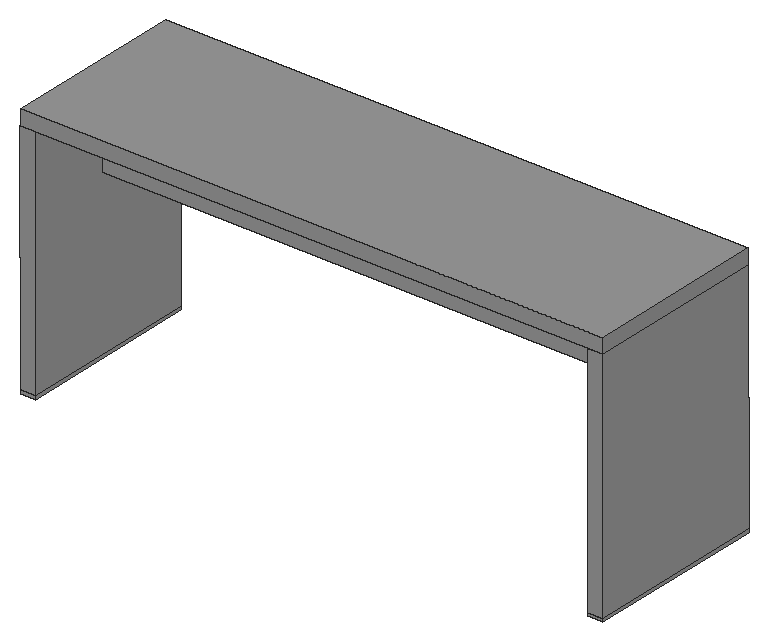
Revit family "Cocoon Community Table 30x96x42", category Generic Models, Revit 2018
Family settings
  Can host rebar = No
  Round Connector Dimension = Use Diameter
  Part Type = Normal
  Work Plane-Based = No
  Always vertical = Yes
  Cut with Voids When Loaded = No
  Shared = No
  Room Calculation Point = No
Parameters
  Frame = Cocoon Community Table 30x96x42 Frame
  Surface = Cocoon Community Table 30x96x42 Surface
Reference planes (in)
  plane 1 "Center (Front/Back)": y = 0
  plane 2: z = 0
  plane 3 "Center (Left/Right)": x = 0
Forms (in)
  Extrusion 1, solid, material "Cocoon Community Table 30x96x42 Frame" <- "Frame"
    sketch origin (0, 0, 0) x (1, 0, 0) y (0, 0, 1)
      loop
        line (-48, 0.5) -> (-48, 0) -> (-45.5, 0) -> (-45.5, 0.5) -> (-48, 0.5)
      loop
        line (48, 0.5) -> (45.5, 0.5) -> (45.5, 0) -> (48, 0) -> (48, 0.5)
    from -15 to 15
  Extrusion 2, solid, material "Cocoon Community Table 30x96x42 Surface" <- "Surface"
    sketch origin (0, 0, 13) x (1, 0, 0) y (0, 0, 1)
      loop
        line (-48, 29) -> (-48, 26.5) -> (48, 26.5) -> (48, 29) -> (-48, 29)
    from -15 to 15
  Extrusion 3, solid, material "Cocoon Community Table 30x96x42 Frame" <- "Frame"
    sketch origin (0, 0, 0) x (1, 0, 0) y (0, 0, 1)
      loop
        line (-48, 39.5) -> (-48, 0.5) -> (-45.5, 0.5) -> (-45.5, 39.5) -> (-48, 39.5)
      loop
        line (45.5, 39.5) -> (45.5, 0.5) -> (48, 0.5) -> (48, 39.5) -> (45.5, 39.5)
    from -15 to 15
  Extrusion 4, solid, material "Cocoon Community Table 30x96x42 Frame" <- "Frame"
    sketch origin (0, 0, 0) x (0, 1, 0) y (0, 0, 1)
      loop
        line (1.25, 39.5) -> (-1.25, 39.5) -> (-1.25, 27.5) -> (1.25, 27.5) -> (1.25, 39.5)
    from -45.5 to 45.5
Dimensions and locks (in)
  aligned and locked: level to plane 2
